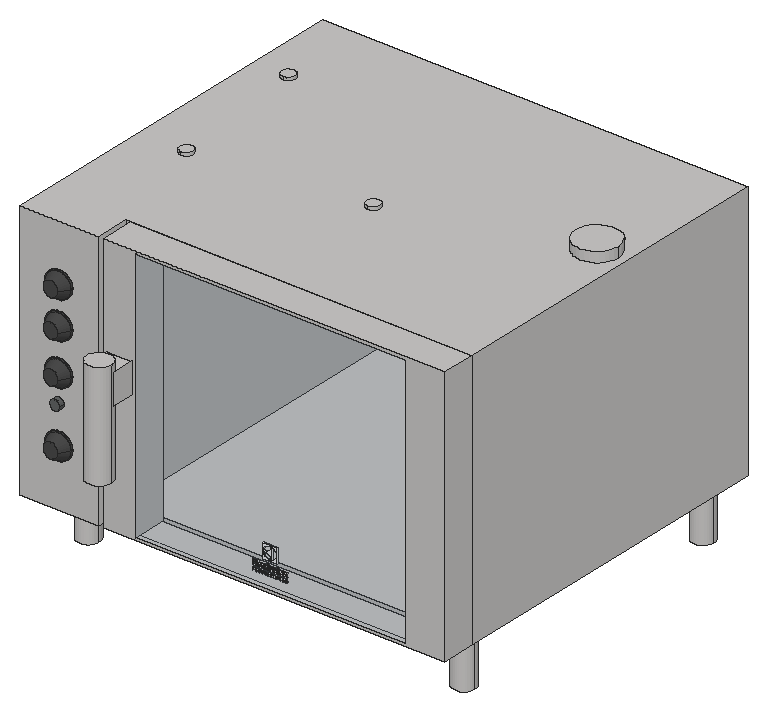
Revit family "QF_ELECTROLUXPROFESSIONAL_260687_EFCE61SSDS", category Attrezzature speciali, Revit 2018
Family settings
  Quota connettore circolare = Usa diametro
  Tipo di parte = Normale
  Basato su piano di lavoro = No
  Sempre verticale = Sì
  Taglio con vuoti quando caricato = No
  Condiviso = No
  Punto di calcolo locali = No
Parameters (values of type "Standard")
  Weight = 79.50 kg
  Watts = 7700 W
  Volts = 380 V
  URL Manufacturer = "https://www.electroluxprofessional.com/"
  URL = "https://www.electroluxprofessional.com/"
  Steam Supply Size = 0 mm
  Steam Supply Minimum Pressure = 0.0 Pa
  Steam Supply Maximum Pressure = 0.0 Pa
  Steam Consumption per Hour = 0
  Show Logo [instance] = yes
  Show Clearance [instance] = yes
  Refrigeration Suction Line Size = 0 mm
  Refrigeration Liquid Line Size = 0 mm
  Refrigerant Compressor Remote = yes
  Produttore = "Electrolux Professional"
  Phase = 3
  Modello = "EFCE61SSDS"
  Length Actual = 860 mm  # constant formula
  Item Number = "260687"
  Hot Water Size = 0 mm
  Height Actual = 633 mm  # constant formula
  HP = "10.3 HP"
  Gas Size = 0 mm
  Gas KW = 0
  Gas Input Pressure = 0 W
  Direct Waste Size = 25 mm
  Descrizione = "CONVECTION OVEN CW 6 GN 1/1 - ELECTRIC - SMART STEAM"
  Depth Actual = 746 mm  # constant formula
  Cycle = 50 Hz
  Condensate Return Size = 0 mm
  Compressed Air Volume = 0.0 L/s
  Compressed Air Size = 0 mm
  Compressed Air Pressure = 0.0 Pa
  Cold Water Size = 19.05 mm
  Accessory = yes
Types (2, lengths in mm): name | URL | Produttore | Phase | Modello | Direct Waste Size | Descrizione | Cold Water Size
  (no name) | 0 | 0 | 0 | 0 | 0 | 0 | 0
  Standard | "https://www.electroluxprofessional.com/" | "Electrolux Professional" | 3 | "EFCE61SSDS" | 25 | "CONVECTION OVEN CW 6 GN 1/1 - ELECTRIC - SMART STEAM" | 19.05
Values of the unnamed type that differ from the named types
  Weight = 0.00 kg
  Watts = 0 W
  Volts = 0 V
  URL Manufacturer = ""
  Item Number = ""
  HP = ""
  Cycle = 0 Hz
Reference planes
  plane 1 "Center X": y = 96.851
  plane 2: z = 0
  plane 3 "Center Y": x = -330
  plane 4 "LEFT": x = -760
  plane 5 "BACK": y = 479.851
  plane 6 "RIGHT": x = 100
  plane 7 "FRONT": y = -286.149
  plane 8: x = -710
  plane 9: y = 421.851
  plane 10: y = -217.149
  plane 11: x = 50
  plane 12: y = -935.149
  plane 13: z = 108
  plane 14 "Center Z": z = 633
  plane 15: z = 0
Forms (mm)
  Extrusion 1, solid, material "QF_Finishes_Stainless Steel"
    sketch origin (0, 0, 633) x (-1, 0, 0) y (0, -1, 0)
      loop
        line (760, -479.851) -> (760, 286.149) -> (600, 286.149) -> (600, 217.149) -> (-100, 217.149) -> (-100, -479.851) -> (760, -479.851)
    from 0 to -525
  Extrusion 2, solid, material "QF_Finishes_Stainless Steel"
    sketch origin (0, -286.149, -670) x (-1, 0, 0) y (0, 0, 1)
      loop
        line (590, 1303) -> (-100, 1303) -> (-100, 778) -> (590, 778) -> (590, 1303)
      loop
        line (525, 1298) -> (-20, 1298) -> (-20, 783) -> (525, 783) -> (525, 1298)
    from 0 to 69
  Extrusion 3, solid, material "QF_Finishes_Glass"
    sketch origin (0, -286.149, -670) x (-1, 0, 0) y (0, 0, 1)
      loop
        line (-20, 1298) -> (-20, 783) -> (525, 783) -> (525, 1298) -> (-20, 1298)
    from 0 to 9.69
  Extrusion 4, solid, material "QF_Finishes_Stainless Steel"
    sketch origin (-46, 39, 638) x (0, -1, 0) y (-1, 0, 0)
      loop
        circle (-265.851, 643) r 13.25
    from 0 to 5
  Extrusion 5, solid, material "QF_Door-Drawer Clearances", visible <- "Show Clearance", detail levels coarse
    sketch origin (0, 0, 633) x (-1, 0, 0) y (0, -1, 0)
      loop
        arc (590, 286.149) -> (370.364, 743.933) -> (-100, 935.149) r 704.475
        line (-100, 935.149) -> (-100, 286.149) -> (590, 286.149)
    from -525 to 0
  Extrusion 6, solid, material "QF_Finishes_Stainless Steel"
    sketch origin (-20, -252, 638) x (0, -1, 0) y (-1, 0, 0)
      loop
        circle (-265.851, 643) r 13.25
    from 0 to 5
  Extrusion 7, solid, material "QF_Finishes_Stainless Steel"
    sketch origin (335, -276, 638) x (0, -1, 0) y (-1, 0, 0)
      loop
        circle (-337.851, 658) r 13.25
    from 0 to 5
  Extrusion 8, solid, material "QF_Finishes_Black"
    sketch origin (24, -286.149, -751.676) x (-1, 0, 0) y (0, 0, 1)
      loop
        circle (704, 1195.5) r 26.676
    from 0 to -3
  Blend 9, solid, material "QF_Finishes_Black"
    base sketch origin (-6, -286.149, -751.676) x (1, 0, 0) y (0, 0, 1)
      loop
        circle (-674, 1195.5) r 25
    top sketch origin (-6, -286.149, -751.676) x (1, 0, 0) y (0, 0, 1)
      loop
        circle (-674, 1195.5) r 15
    from 3 to 21.442
  Extrusion 10, solid, material "QF_Finishes_Black"
    sketch origin (24, -286.149, -836.676) x (-1, 0, 0) y (0, 0, 1)
      loop
        circle (704, 1195.5) r 26.676
    from 0 to -3
  Blend 11, solid, material "QF_Finishes_Black"
    base sketch origin (-6, -286.149, -836.676) x (1, 0, 0) y (0, 0, 1)
      loop
        circle (-674, 1195.5) r 25
    top sketch origin (-6, -286.149, -836.676) x (1, 0, 0) y (0, 0, 1)
      loop
        circle (-674, 1195.5) r 15
    from 3 to 21.442
  Extrusion 12, solid, material "QF_Finishes_Black"
    sketch origin (24, -286.149, -971.676) x (-1, 0, 0) y (0, 0, 1)
      loop
        circle (704, 1490.5) r 26.676
    from 0 to -3
  Blend 13, solid, material "QF_Finishes_Black"
    base sketch origin (-6, -286.149, -971.676) x (1, 0, 0) y (0, 0, 1)
      loop
        circle (-674, 1490.5) r 25
    top sketch origin (-6, -286.149, -971.676) x (1, 0, 0) y (0, 0, 1)
      loop
        circle (-674, 1490.5) r 15
    from 3 to 21.442
  Extrusion 14, solid, material "QF_Finishes_Black"
    sketch origin (24, -286.149, -969.176) x (-1, 0, 0) y (0, 0, 1)
      loop
        circle (704, 1195.5) r 26.676
    from 0 to -3
  Blend 15, solid, material "QF_Finishes_Black"
    base sketch origin (-6, -286.149, -969.176) x (1, 0, 0) y (0, 0, 1)
      loop
        circle (-674, 1195.5) r 25
    top sketch origin (-6, -286.149, -969.176) x (1, 0, 0) y (0, 0, 1)
      loop
        circle (-674, 1195.5) r 15
    from 3 to 21.442
  Extrusion 16, solid, material "QF_Finishes_Stainless Steel"
    sketch origin (0, -572.298, 425) x (-1, 0, 0) y (0, -1, 0)
      loop
        arc (584.299, -236.149) -> (559.299, -261.149) -> (534.299, -236.149) r 25
        line (534.299, -236.149) -> (534.299, -286.149) -> (584.299, -286.149) -> (584.299, -236.149)
    from -55.026 to 5
  Extrusion 17, solid, material "QF_Finishes_Stainless Steel"
    sketch origin (0, -534.298, 425) x (-1, 0, 0) y (0, -1, 0)
      loop
        circle (559.299, -198.149) r 25
    from -193.655 to 20
  Extrusion 18, solid, material "QF_Finishes_Dark_Gray"
    sketch origin (25, -336.149, -915) x (-1, 0, 0) y (0, 0, 1)
      loop
        circle (705.941, 1218.523) r 10
    from 40 to 50
  Extrusion 19, solid, material "QF_Finishes_Stainless Steel"
    sketch origin (72.184, -18.929, 633) x (-1, 0, 0) y (0, -1, 0)
      loop
        circle (32.184, -192.78) r 43
    from 0 to 20
  Extrusion 20, void
    sketch origin (-600, -680.149, 1750) x (-1, 0, 0) y (0, 0, 1)
      loop
        line (0, -1138.194) -> (-650, -1138.194) -> (-650, -1630) -> (0, -1630) -> (0, -1138.194)
    from 463 to 1102
Cuts and joins
  Extrusion 20 cuts Extrusion 1
Lines and regions (mm)
  Split face 1
    outline origin (-760, -286.149, 633) x (0, 0, -1) y (1, 0, 0)
      loop
        line (5, 15) -> (520, 15) -> (520, 145) -> (5, 145) -> (5, 15)
  Split face 2
    outline origin (-776.014, -286.149, 425.001) x (0, 0, -1) y (1, 0, 0)
      loop
        line (152.5, 78.5) -> (168.75, 78.5) -> (168.75, 113.5) -> (152.5, 113.5) -> (152.5, 78.5)
  Split face 3
    outline origin (-760, -286.149, 633) x (0, 0, -1) y (1, 0, 0)
      loop
        line (50, 15) -> (50, 145)
  Split face 4
    outline origin (-760, -286.149, 633) x (0, 0, -1) y (1, 0, 0)
      loop
        line (475, 15) -> (475, 145)
  Split face 5
    outline origin (20, -286.149, 113) x (1, 0, 0) y (0, 0, 1)
      loop
        line (-524.004, 73.11) -> (-374.004, 73.11) -> (-352.791, 94.323) -> (-192.209, 94.323) -> (-170.996, 73.11) -> (-20.996, 73.11) -> (-20.996, 448.11) -> (-524.004, 448.11) -> (-524.004, 73.11)
  symbolic lines
    curve 1: line (-760, -286.149, 1303) -> (-760, 479.851, 1303)
    curve 2: line (-760, 479.851, 1303) -> (100, 479.851, 1303)
    curve 3: line (-600, -217.149, 1303) -> (100, -217.149, 1303)
    curve 4: line (-600, -217.149, 1303) -> (-600, -286.149, 1303)
    curve 5: line (-760, -286.149, 1303) -> (100, -286.149, 1303)
    curve 6: line (-706.676, -289.149, 1303) -> (-653.324, -289.149, 1303)
    curve 7: line (-695, -307.591, 1303) -> (-665, -307.591, 1303)
    curve 8: line (-706.676, -289.149, 1303) -> (-706.676, -286.149, 1303)
    curve 9: line (-653.324, -289.149, 1303) -> (-653.324, -286.149, 1303)
    curve 10: line (-695, -307.591, 1303) -> (-705, -289.149, 1303)
    curve 11: line (-665, -307.591, 1303) -> (-655.006, -289.149, 1303)
    curve 12: line (100, 479.851, 1303) -> (100, -286.149, 1303)
    curve 14: line (-534.299, -336.149, 1303) -> (-534.299, -286.149, 1303)
    curve 15: line (-584.299, -286.149, 1303) -> (-584.299, -336.149, 1303)
    curve 16: arc (-534.299, -336.149, 1303) -> (-559.299, -361.149, 1303) -> (-584.299, -336.149, 1303) r 25
    curve 17: arc (-584.299, -336.149, 1303) -> (-559.299, -311.149, 1303) -> (-534.299, -336.149, 1303) r 25
    curve 19: arc (83, 173.851, 1303) -> (40, 216.851, 1303) -> (-3, 173.851, 1303) r 43
    curve 20: arc (-3, 173.851, 1303) -> (40, 130.851, 1303) -> (83, 173.851, 1303) r 43
  symbolic lines, style "QF_Door-Drawer Clearances"
    curve 13: line (100, -935.149, 1303) -> (100, -286.149, 1303)
    curve 18: arc (-590, -286.149, 1303) -> (-370.364, -743.933, 1303) -> (100, -935.149, 1303) r 704.475
Dimensions and locks
  equal spacing: plane 4 "LEFT", plane 3 "Center Y", plane 6 "RIGHT"
  plane 4 "LEFT" to plane 6 "RIGHT" = 860 mm
  plane 5 "BACK" to plane 7 "FRONT" = 766 mm
  equal spacing: plane 5 "BACK", plane 1 "Center X", plane 7 "FRONT"
  plane 5 "BACK" to plane 12 = 1415 mm
  plane 13 to plane 15 = 108 mm
  plane 14 "Center Z" to plane 13 = 525 mm
  plane 14 "Center Z" to plane 15 = 633 mm
  aligned and locked: level to plane 2
  aligned and locked: plane 13 to nested 1
  aligned and locked: plane 13 to nested 2
  aligned and locked: plane 13 to nested 4
  aligned and locked: plane 13 to nested 3
  aligned and locked: Extrusion 1 to plane 13
  aligned and locked: Blend 9 to Extrusion 8
  aligned and locked: Blend 11 to Extrusion 10
  aligned and locked: Blend 13 to Extrusion 12
Automatic sketch dimensions
  curve 16 to curve 17 = 0 mm  (x2)
  curve 19 to curve 20 = 0 mm  (x2)
  curve 18 to plane 6 "RIGHT" = 0 mm
  curve 14 to plane 7 "FRONT" = 0 mm
  curve 3 to plane 10 = 0 mm
  curve 1 to plane 4 "LEFT" = 0 mm
  curve 1 to plane 5 "BACK" = 0 mm
  curve 13 to plane 12 = 0 mm
  plane 6 "RIGHT" to curve 18 = 12.296 mm
  curve 20 to plane 11 = 10 mm
  curve 14 to plane 7 "FRONT" = 50 mm
  plane 8 to curve 14 = 175.701 mm
  curve 14 to curve 16 = 25 mm
  curve 15 to curve 3 = 15.701 mm
  curve 9 to plane 7 "FRONT" = 3 mm
  curve 4 to curve 9 = 53.324 mm
  curve 11 to plane 7 "FRONT" = 21.442 mm
  curve 6 to curve 11 = 11.676 mm
  plane 8 to curve 10 = 15 mm
  plane 8 to curve 8 = 3.324 mm
  curve 20 to plane 1 "Center X" = 77 mm
  curve 18 to plane 10 = 13.632 mm
  curve 19 to plane 6 "RIGHT" = 17 mm
  curve 6 to curve 11 = 1.682 mm
  curve 10 to curve 6 = 1.676 mm
  Extrusion 1 sketch curve to plane 5 "BACK" = 0 mm
  Extrusion 1 sketch curve to plane 6 "RIGHT" = 0 mm
  Extrusion 1 sketch curve to plane 10 = 0 mm
  Extrusion 1 sketch curve to plane 7 "FRONT" = 0 mm
  Extrusion 1 sketch curve to plane 4 "LEFT" = 0 mm
  plane 8 to Extrusion 1 sketch curve = 110 mm
  Extrusion 2 sketch curve to plane 6 "RIGHT" = 0 mm
  Extrusion 2 sketch curve to plane 13 = 0 mm
  Extrusion 2 sketch curve to plane 14 "Center Z" = 0 mm
  plane 13 to Extrusion 2 sketch curve = 5 mm
  Extrusion 2 sketch curve to plane 11 = 30 mm
  Extrusion 2 sketch curve to plane 14 "Center Z" = 5 mm
  plane 8 to Extrusion 2 sketch curve = 185 mm
  Extrusion 2 sketch curve to Extrusion 2 sketch curve = 65 mm
  plane 13 to Extrusion 3 sketch curve = 5 mm
  Extrusion 3 sketch curve to plane 11 = 30 mm
  plane 8 to Extrusion 3 sketch curve = 185 mm  (x2)
  Extrusion 3 sketch curve to plane 14 "Center Z" = 5 mm
  plane 8 to Extrusion 4 sketch curve = 21 mm
  Extrusion 4 sketch curve to plane 9 = 117 mm
  Extrusion 5 sketch curve to plane 6 "RIGHT" = 0 mm
  Extrusion 5 sketch curve to plane 7 "FRONT" = 0 mm
  Extrusion 5 sketch curve to plane 12 = 0 mm
  plane 6 "RIGHT" to Extrusion 5 sketch curve = 12.296 mm
  plane 8 to Extrusion 5 sketch curve = 120 mm
  Split face 1 sketch curve to Extrusion 1 = 5 mm  (x2)
  Split face 1 sketch curve to Extrusion 1 = 15 mm  (x2)
  Split face 2 sketch curve to Extrusion 1 = 62.514 mm
  Split face 2 sketch curve to Extrusion 1 = 164.501 mm
  Split face 2 sketch curve to Split face 2 sketch curve = 16.25 mm
  Split face 2 sketch curve to Split face 2 sketch curve = 35 mm
  plane 1 "Center X" to Extrusion 6 sketch curve = 83 mm
  plane 8 to Extrusion 6 sketch curve = 47 mm
  plane 3 "Center Y" to Extrusion 7 sketch curve = 7 mm
  plane 1 "Center X" to Extrusion 7 sketch curve = 35 mm
  Split face 3 sketch curve to Extrusion 1 = 15 mm  (x2)
  Split face 3 sketch curve to Extrusion 1 = 50 mm
  Split face 4 sketch curve to Extrusion 1 = 15 mm  (x2)
  Split face 4 sketch curve to Extrusion 1 = 50 mm
  plane 8 to Extrusion 8 sketch curve = 30 mm
  Extrusion 8 sketch curve to plane 14 "Center Z" = 189.176 mm
  plane 8 to Blend 9 sketch curve = 30 mm  (x2)
  Blend 9 sketch curve to plane 14 "Center Z" = 189.176 mm  (x2)
  plane 8 to Extrusion 10 sketch curve = 30 mm
  plane 13 to Extrusion 10 sketch curve = 250.824 mm
  plane 8 to Blend 11 sketch curve = 30 mm  (x2)
  plane 13 to Blend 11 sketch curve = 250.824 mm  (x2)
  plane 8 to Extrusion 12 sketch curve = 30 mm
  Extrusion 12 sketch curve to plane 14 "Center Z" = 114.176 mm
  plane 8 to Blend 13 sketch curve = 30 mm  (x2)
  Blend 13 sketch curve to plane 14 "Center Z" = 114.176 mm  (x2)
  plane 8 to Extrusion 14 sketch curve = 30 mm
  plane 13 to Extrusion 14 sketch curve = 118.324 mm
  plane 8 to Blend 15 sketch curve = 30 mm  (x2)
  plane 13 to Blend 15 sketch curve = 118.324 mm  (x2)
  Split face 5 sketch curve to Extrusion 3 = 20.996 mm  (x2)
  Split face 5 sketch curve to Extrusion 3 = 73.11 mm  (x2)
  Split face 5 sketch curve to Split face 5 sketch curve = 150 mm
  Split face 5 sketch curve to Split face 5 sketch curve = 21.213 mm  (x3)
  Split face 5 sketch curve to Split face 5 sketch curve = 160.583 mm
  Split face 5 sketch curve to Extrusion 3 = 66.89 mm
  Extrusion 16 sketch curve to plane 7 "FRONT" = 0 mm
  plane 8 to Extrusion 16 sketch curve = 175.701 mm
  Extrusion 16 sketch curve to Extrusion 16 sketch curve = 25 mm
  Extrusion 16 sketch curve to Extrusion 16 sketch curve = 50 mm
  Extrusion 16 sketch curve to plane 7 "FRONT" = 50 mm
  Extrusion 16 sketch curve to Extrusion 16 sketch curve = 0 mm  (x3)
  Extrusion 17 sketch curve to plane 7 "FRONT" = 50 mm
  plane 8 to Extrusion 17 sketch curve = 150.701 mm
  plane 8 to Extrusion 18 sketch curve = 29.059 mm
  plane 13 to Extrusion 18 sketch curve = 195.523 mm
  Extrusion 19 sketch curve to plane 11 = 10 mm
  Extrusion 19 sketch curve to plane 1 "Center X" = 77 mm
  Extrusion 20 sketch curve to plane 11 = 0 mm
  plane 13 to Extrusion 20 sketch curve = 12 mm
  plane 8 to Extrusion 20 sketch curve = 110 mm
  Extrusion 20 sketch curve to plane 14 "Center Z" = 21.194 mm
  radius of Extrusion 4 sketch curve = 13.25 mm
  radius of Extrusion 6 sketch curve = 13.25 mm
  radius of Extrusion 7 sketch curve = 13.25 mm
  radius of Extrusion 8 sketch curve = 26.676 mm
  radius of Blend 9 sketch curve = 25 mm
  radius of Blend 9 sketch curve = 15 mm
  radius of Extrusion 10 sketch curve = 26.676 mm
  radius of Blend 11 sketch curve = 25 mm
  radius of Blend 11 sketch curve = 15 mm
  radius of Extrusion 12 sketch curve = 26.676 mm
  radius of Blend 13 sketch curve = 25 mm
  radius of Blend 13 sketch curve = 15 mm
  radius of Extrusion 14 sketch curve = 26.676 mm
  radius of Blend 15 sketch curve = 25 mm
  radius of Blend 15 sketch curve = 15 mm
  radius of Extrusion 17 sketch curve = 25 mm
  radius of Extrusion 18 sketch curve = 10 mm
  radius of Extrusion 19 sketch curve = 43 mm
Nested families
  nested 1: "Foot" at (-710, -175.149, 0), type "Foot"
    with Ø 22 mm, H 108 mm
  nested 2: "Foot" at (50, -175.149, 0), type "Foot"
    with Ø 22 mm, H 108 mm
  nested 3: "Foot" at (50, 429.851, 0), type "Foot"
    with Ø 22 mm, H 108 mm
  nested 4: "Foot" at (-710, 429.851, 0), type "Foot"
    with Ø 22 mm, H 108 mm
  nested 5: "ELX_Pro_Logo" at (-252.5, -286.149, 164.262) x (1, 0, 0) z (0, -1, 0), type "ELX_Pro_Logo"
Connectors
  piping at (-323, 61.851, 638), diameter 26.4
    settings: on Extrusion 7, index 6, connector inside diameter 609.6 mm, connector length 0 mm, flow factor 0, pipe flow 0.0 L/s, pressure drop 0.0 Pa, fitting loss kfactor 0, connector angle 0.00°, fixture units 0, engagement length 0 mm, angle of deflection 0.00°, flow configuration 0, flow direction 0, fitting loss method 0, system type 16, joint type 0, gender type 0, connector reference index -1, connector utility 0, adjustable connector no, is connector primary yes, connector description ""
  electrical at (-663, 13.851, 638)
    settings: on Extrusion 6, index 7, voltage 0 V, apparent load 0 VA, apparent load phase1 0 VA, apparent load phase2 0 VA, apparent load phase3 0 VA, power factor 1, load classification "Altro", number of poles 1, system type 30, power factor state 1, is connector primary yes, connector utility no, sub classification motor no, connector description ""
  piping at (-689, 304.851, 638), diameter 19.05, driven by "Cold Water Size"
    settings: on Extrusion 4, index 8, connector inside diameter 609.6 mm, connector length 0 mm, flow factor 0, pipe flow 0.0 L/s, pressure drop 0.0 Pa, fitting loss kfactor 0, connector angle 0.00°, fixture units 0, engagement length 0 mm, angle of deflection 0.00°, flow configuration 0, flow direction 0, fitting loss method 0, system type 20, joint type 0, gender type 0, connector reference index -1, connector utility 0, adjustable connector no, is connector primary no, connector description "Cold Water Inlet"
Definition of nested family "Foot"
  Parameters
    Ø [instance] = 20 mm
    H [instance] = 50 mm
  Reference planes
    plane 1 "Centro (Fronte/Retro)": y = 0
    plane 2: z = 0
    plane 3 "Centro (Sinistra/Destra)": x = 0
    plane 4: z = 50
  Forms (mm)
    Revolve 1, solid
      sketch origin (255.05, 0, 608.09) x (0, 0, 1) y (-1, 0, 0)
        loop
          line (-608.09, 255.05) -> (-608.09, 235.05) -> (-558.09, 235.05) -> (-558.09, 255.05) -> (-608.09, 255.05)
        axis (-608.09, 255.05) -> (-558.09, 255.05)
      angle from 0 to 360
  Dimensions and locks
    "H": plane 4 to plane 2
    "Ø": Revolve 1 sketch curve to Revolve 1 sketch curve
    aligned and locked: level to plane 2
    aligned and locked: plane 4 to Revolve 1 sketch curve
    aligned and locked: Revolve 1 sketch curve to level
    aligned and locked: plane 3 "Centro (Sinistra/Destra)" to Revolve 1 sketch curve
  Automatic sketch dimensions
    Revolve 1 sketch curve to plane 3 "Centro (Sinistra/Destra)" = 0 mm
    Revolve 1 sketch curve to Revolve 1 sketch curve = 50 mm
    Revolve 1 sketch curve to Revolve 1 sketch curve = 20 mm
Definition of nested family "ELX_Pro_Logo"
  Parameters (values of type "ELX_Pro_Logo")
    M = none
    Default Elevation = 0 mm
  Reference planes
    plane 1 "Centro (Fronte/Retro)": y = 0
    plane 2: z = 0
    plane 3 "Centro (Sinistra/Destra)": x = 0
  Forms (mm)
    Extrusion 1, solid
      sketch origin (0, 0, 0) x (1, 0, 0) y (0, 1, 0)
        loop
          line (-1219.2, 1219.2) -> (-1219.2, -1219.2) -> (1219.2, -1219.2) -> (1219.2, 1219.2) -> (-1219.2, 1219.2)
      from 0 to -304.8
    Extrusion 2, solid, material <- "M"
      sketch origin (-144.622, -1081.55, 0) x (-1, 0, 0) y (0, -1, 0)
        loop
          line (-111.329, -1069.559) -> (-111.329, -1071.073) -> (-116.048, -1071.073) -> (-116.048, -1072.896) -> (-111.328, -1072.896) -> (-111.328, -1075.549) -> (-116.349, -1075.549) -> (-116.349, -1077.368) -> (-109.396, -1077.368) -> (-109.396, -1073.46) -> (-109.396, -1069.659)
          arc (-109.396, -1069.659) -> (-110.425, -1067.175) -> (-112.909, -1066.146) r 3.513
          line (-112.909, -1066.146) -> (-116.483, -1066.146) -> (-116.483, -1067.963) -> (-112.925, -1067.963)
          arc (-112.925, -1067.963) -> (-111.797, -1068.431) -> (-111.329, -1069.559) r 1.596
        loop
          line (-119.79, -1077.358) -> (-117.856, -1077.358) -> (-117.856, -1072.053) -> (-117.856, -1066.132) -> (-119.79, -1066.132) -> (-119.79, -1072.092) -> (-119.79, -1077.358)
        loop
          line (-122.986, -1069.718) -> (-129.327, -1069.718)
          arc (-129.327, -1069.718) -> (-129.219, -1071.449) -> (-128.497, -1073.026) r 4.757
          arc (-128.497, -1073.026) -> (-125.237, -1074.5) -> (-121.978, -1073.026) r 4.34
          arc (-121.978, -1073.026) -> (-121.072, -1070.207) -> (-121.978, -1067.388) r 4.838
          arc (-121.978, -1067.388) -> (-125.393, -1065.933) -> (-128.809, -1067.388) r 4.737
          line (-128.809, -1067.388) -> (-127.645, -1068.52)
          arc (-127.645, -1068.52) -> (-125.509, -1067.576) -> (-123.374, -1068.52) r 2.888
          arc (-123.374, -1068.52) -> (-123.05, -1069.077) -> (-122.986, -1069.718) r 1.527
        loop
          arc (-127.386, -1071.076) -> (-126.67, -1072.331) -> (-125.331, -1072.872) r 2.201
          arc (-125.331, -1072.872) -> (-123.848, -1072.402) -> (-123.033, -1071.076) r 2.23
          line (-123.033, -1071.076) -> (-127.386, -1071.076)
        loop
          line (-136.862, -1071.886) -> (-138.059, -1073.132)
          arc (-138.059, -1073.132) -> (-130.327, -1070.219) -> (-138.059, -1067.306) r 4.415
          line (-138.059, -1067.306) -> (-136.862, -1068.553)
          arc (-136.862, -1068.553) -> (-132.252, -1070.22) -> (-136.862, -1071.886) r 2.606
        loop
          line (-141.192, -1069.673) -> (-141.192, -1072.494) -> (-142.951, -1072.494) -> (-142.951, -1074.25) -> (-141.195, -1074.25) -> (-141.195, -1077.358) -> (-139.262, -1077.358) -> (-139.262, -1073.332) -> (-139.262, -1069.514)
          arc (-139.262, -1069.514) -> (-140.299, -1066.92) -> (-142.98, -1066.132) r 3.196
          line (-142.98, -1066.132) -> (-142.987, -1067.949)
          arc (-142.987, -1067.949) -> (-141.652, -1068.356) -> (-141.192, -1069.673) r 1.542
        loop
          line (-146.494, -1073.042) -> (-146.494, -1074.25) -> (-144.576, -1074.25) -> (-144.576, -1070.271) -> (-144.576, -1066.132) -> (-146.494, -1066.132) -> (-146.494, -1070.401)
          arc (-146.494, -1070.401) -> (-147.446, -1072.228) -> (-149.489, -1072.494) r 2.229
          line (-149.489, -1072.494) -> (-149.489, -1074.362)
          arc (-149.489, -1074.362) -> (-147.761, -1074.226) -> (-146.494, -1073.042) r 2.627
        loop
          line (-159.833, -1072.246) -> (-159.833, -1066.131) -> (-161.767, -1066.131) -> (-161.767, -1072.17) -> (-161.767, -1077.359) -> (-159.833, -1077.359) -> (-159.833, -1072.246)
        loop
          line (-165.194, -1069.514) -> (-165.194, -1074.25) -> (-163.245, -1074.25) -> (-163.245, -1071.898) -> (-163.245, -1069.098)
          arc (-163.245, -1069.098) -> (-166.96, -1065.769) -> (-170.687, -1069.085) r 3.745
          line (-170.687, -1069.085) -> (-170.687, -1071.898) -> (-170.687, -1074.25) -> (-168.739, -1074.25) -> (-168.739, -1069.514)
          arc (-168.739, -1069.514) -> (-166.967, -1067.742) -> (-165.194, -1069.514) r 1.772
        loop
          line (-174.654, -1070.416) -> (-172.975, -1068.078) -> (-171.578, -1066.131) -> (-173.656, -1066.131) -> (-175.717, -1068.999) -> (-177.779, -1066.131) -> (-179.857, -1066.131) -> (-178, -1068.728) -> (-176.781, -1070.433) -> (-178.29, -1072.488) -> (-179.583, -1074.25) -> (-177.473, -1074.25) -> (-175.717, -1071.818) -> (-173.945, -1074.25) -> (-171.852, -1074.25) -> (-173.052, -1072.608) -> (-174.654, -1070.416)
        loop
          circle (-154.223, -1070.188) r 2.508
        loop
          circle (-154.223, -1070.188) r 4.42
        loop
          line (-110.224, -1058.542) -> (-111.194, -1058.542)
          arc (-111.194, -1058.542) -> (-112.217, -1059.95) -> (-110.924, -1061.114) r 1.3
          line (-110.924, -1061.114) -> (-109.424, -1061.114) -> (-109.424, -1057.223) -> (-110.224, -1057.223) -> (-110.224, -1058.542)
        loop
          line (-110.224, -1060.379) -> (-110.224, -1059.293) -> (-111.03, -1059.293)
          arc (-111.03, -1059.293) -> (-111.43, -1059.836) -> (-111.03, -1060.379) r 0.569
          line (-111.03, -1060.379) -> (-110.224, -1060.379)
        loop
          line (-116.302, -1058.564) -> (-117.128, -1058.564) -> (-117.934, -1057.223) -> (-118.841, -1057.223) -> (-117.833, -1058.884)
          arc (-117.833, -1058.884) -> (-118.214, -1060.282) -> (-117.028, -1061.114) r 1.26
          line (-117.028, -1061.114) -> (-115.503, -1061.114) -> (-115.503, -1057.223) -> (-116.302, -1057.223) -> (-116.302, -1058.564)
        loop
          line (-116.302, -1060.379) -> (-116.302, -1059.293) -> (-117.109, -1059.293)
          arc (-117.109, -1059.293) -> (-117.508, -1059.836) -> (-117.109, -1060.379) r 0.569
          line (-117.109, -1060.379) -> (-116.302, -1060.379)
        loop
          line (-128.923, -1057.223) -> (-129.723, -1057.223) -> (-129.723, -1058.714) -> (-131.187, -1058.714) -> (-131.187, -1059.514) -> (-129.723, -1059.514) -> (-129.723, -1060.314) -> (-131.327, -1060.314) -> (-131.327, -1061.114) -> (-128.923, -1061.114) -> (-128.923, -1057.223)
        loop
          arc (-134.628, -1058.469) -> (-134.992, -1057.588) -> (-135.874, -1057.223) r 1.246
          line (-135.874, -1057.223) -> (-137.13, -1057.223) -> (-137.13, -1058.023) -> (-135.969, -1058.023)
          arc (-135.969, -1058.023) -> (-135.53, -1058.237) -> (-135.427, -1058.714) r 0.558
          line (-135.427, -1058.714) -> (-136.984, -1058.714) -> (-136.984, -1059.514) -> (-135.427, -1059.514) -> (-135.427, -1060.314) -> (-137.092, -1060.314) -> (-137.092, -1061.114) -> (-134.628, -1061.114) -> (-134.628, -1058.469)
        loop
          line (-152.3, -1057.223) -> (-153.1, -1057.223) -> (-153.1, -1061.114) -> (-152.3, -1061.114) -> (-152.3, -1057.223)
        loop
          line (-164.67, -1057.223) -> (-164.67, -1059.67) -> (-166.45, -1057.223) -> (-167.25, -1057.223) -> (-167.25, -1061.114) -> (-166.42, -1061.114) -> (-166.42, -1058.594) -> (-164.64, -1061.114) -> (-163.84, -1061.114) -> (-163.84, -1057.223) -> (-164.67, -1057.223)
        loop
          line (-170.403, -1057.223) -> (-171.262, -1057.223) -> (-171.641, -1058.063) -> (-173.08, -1058.063) -> (-173.459, -1057.223) -> (-174.317, -1057.223) -> (-172.796, -1061.113) -> (-171.996, -1061.113) -> (-170.403, -1057.223)
        loop
          line (-177.493, -1057.223) -> (-179.789, -1057.223) -> (-179.789, -1058.023) -> (-178.293, -1058.023) -> (-178.293, -1061.114) -> (-177.493, -1061.114) -> (-177.493, -1057.223)
        loop
          line (-172.362, -1059.848) -> (-171.945, -1058.83) -> (-172.76, -1058.83) -> (-172.362, -1059.848)
        loop
          circle (-158.484, -1059.145) r 1.288
        loop
          circle (-158.484, -1059.145) r 2.065
        loop
          arc (-146.04, -1058.095) -> (-146.933, -1057.275) -> (-148.145, -1057.245) r 1.725
          arc (-148.145, -1057.245) -> (-148.965, -1058.02) -> (-148.68, -1059.111) r 1.107
          arc (-148.68, -1059.111) -> (-148.103, -1059.465) -> (-147.486, -1059.746) r 5.523
          arc (-147.486, -1059.746) -> (-147.147, -1060.262) -> (-147.708, -1060.52) r 0.407
          arc (-147.708, -1060.52) -> (-148.045, -1060.315) -> (-148.325, -1060.038) r 1.702
          line (-148.325, -1060.038) -> (-149.011, -1060.45)
          arc (-149.011, -1060.45) -> (-148.578, -1060.911) -> (-148.043, -1061.247) r 2.463
          arc (-148.043, -1061.247) -> (-146.373, -1060.466) -> (-147.42, -1058.949) r 1.207
          spline (-147.42, -1058.949) -> (-147.716, -1058.809) -> (-147.932, -1058.678) -> (-148.077, -1058.557) -> (-148.163, -1058.446) -> (-148.198, -1058.347) -> (-148.192, -1058.258) -> (-148.157, -1058.182) -> (-148.102, -1058.118) -> (-148.037, -1058.068) -> (-147.972, -1058.031) -> (-147.917, -1058.008) -> (-147.883, -1058)
          arc (-147.883, -1058) -> (-147.238, -1058.014) -> (-146.759, -1058.446) r 0.925
          line (-146.759, -1058.446) -> (-146.04, -1058.095)
        loop
          arc (-140.18, -1058.095) -> (-141.073, -1057.275) -> (-142.285, -1057.245) r 1.725
          arc (-142.285, -1057.245) -> (-143.106, -1058.02) -> (-142.821, -1059.111) r 1.107
          arc (-142.821, -1059.111) -> (-142.243, -1059.465) -> (-141.627, -1059.746) r 5.523
          arc (-141.627, -1059.746) -> (-141.287, -1060.262) -> (-141.849, -1060.52) r 0.407
          arc (-141.849, -1060.52) -> (-142.185, -1060.315) -> (-142.466, -1060.038) r 1.702
          line (-142.466, -1060.038) -> (-143.151, -1060.45)
          arc (-143.151, -1060.45) -> (-142.719, -1060.911) -> (-142.183, -1061.247) r 2.463
          arc (-142.183, -1061.247) -> (-140.513, -1060.466) -> (-141.56, -1058.949) r 1.207
          spline (-141.56, -1058.949) -> (-141.856, -1058.809) -> (-142.072, -1058.678) -> (-142.218, -1058.557) -> (-142.303, -1058.446) -> (-142.338, -1058.347) -> (-142.333, -1058.258) -> (-142.298, -1058.182) -> (-142.242, -1058.118) -> (-142.177, -1058.068) -> (-142.112, -1058.031) -> (-142.057, -1058.008) -> (-142.023, -1058)
          arc (-142.023, -1058) -> (-141.378, -1058.014) -> (-140.9, -1058.446) r 0.925
          line (-140.9, -1058.446) -> (-140.18, -1058.095)
        loop
          circle (-123.484, -1059.145) r 1.288
        loop
          circle (-123.484, -1059.145) r 2.065
        loop
          line (-130.225, -1113.361) -> (-130.225, -1084.645) -> (-158.979, -1084.645) -> (-158.979, -1113.361) -> (-130.225, -1113.361)
        loop
          arc (-148.442, -1086.055) -> (-157.992, -1098.973) -> (-148.442, -1111.892) r 13.512
          line (-148.442, -1111.892) -> (-148.442, -1086.055)
        loop
          line (-147.127, -1086.055) -> (-147.127, -1087.926)
          arc (-147.127, -1087.926) -> (-143.116, -1095.125) -> (-135.48, -1098.224) r 12.412
          line (-135.48, -1098.224) -> (-131.205, -1098.224)
          arc (-131.205, -1098.224) -> (-136.382, -1088.497) -> (-147.127, -1086.055) r 13.242
        loop
          line (-147.127, -1110.021) -> (-147.127, -1112.224)
          arc (-147.127, -1112.224) -> (-136.374, -1109.53) -> (-131.205, -1099.722) r 13.588
          line (-131.205, -1099.722) -> (-135.48, -1099.722)
          arc (-135.48, -1099.722) -> (-143.116, -1102.822) -> (-147.127, -1110.021) r 12.412
      from 0 to 1.6
  Lines and regions (mm)
    symbolic lines
      curve 1: line (-14.357, 31.811, 0) -> (14.357, 31.811, 0)
      curve 2: line (-14.357, 3.095, 0) -> (-14.357, 31.811, 0)
      curve 3: line (14.357, 3.095, 0) -> (-14.357, 3.095, 0)
      curve 4: line (14.357, 31.811, 0) -> (14.357, 3.095, 0)
      curve 5: line (-8.32, 7.722, 0) -> (-9.387, 8.738, 0)
      curve 6: line (-9.387, 8.738, 0) -> (-10.331, 9.866, 0)
      curve 7: line (-10.331, 9.866, 0) -> (-11.141, 11.095, 0)
      curve 8: line (-11.141, 11.095, 0) -> (-11.805, 12.411, 0)
      curve 9: line (-11.805, 12.411, 0) -> (-12.31, 13.803, 0)
      curve 10: line (-12.31, 13.803, 0) -> (-12.646, 15.26, 0)
      curve 11: line (-12.646, 15.26, 0) -> (-12.8, 16.77, 0)
      curve 12: line (-12.8, 16.77, 0) -> (-10.081, 16.77, 0)
      curve 13: line (-10.081, 16.77, 0) -> (-8.466, 16.661, 0)
      curve 14: line (-8.466, 16.661, 0) -> (-6.88, 16.344, 0)
      curve 15: line (-6.88, 16.344, 0) -> (-5.345, 15.833, 0)
      curve 16: line (-5.345, 15.833, 0) -> (-3.882, 15.143, 0)
      curve 17: line (-3.882, 15.143, 0) -> (-2.511, 14.288, 0)
      curve 18: line (-2.511, 14.288, 0) -> (-1.255, 13.283, 0)
      curve 19: line (-1.255, 13.283, 0) -> (-0.135, 12.143, 0)
      curve 20: line (-0.135, 12.143, 0) -> (0.83, 10.882, 0)
      curve 21: line (0.83, 10.882, 0) -> (1.616, 9.515, 0)
      curve 22: arc (1.616, 9.515, 0) -> (2.419, 7.28, 0) -> (2.7, 4.923, 0) r 10.532
      curve 23: arc (2.7, 4.923, 0) -> (1.362, 4.715, 0) -> (0.011, 4.633, 0) r 14.39
      curve 24: line (0.011, 4.633, 0) -> (-1.56, 4.731, 0)
      curve 25: line (-1.56, 4.731, 0) -> (-3.062, 5.011, 0)
      curve 26: line (-3.062, 5.011, 0) -> (-4.502, 5.462, 0)
      curve 27: line (-4.502, 5.462, 0) -> (-5.866, 6.072, 0)
      curve 28: line (-5.866, 6.072, 0) -> (-7.142, 6.829, 0)
      curve 29: line (-7.142, 6.829, 0) -> (-8.32, 7.722, 0)
      curve 30: line (-10.802, 24.24, 0) -> (-9.872, 25.531, 0)
      curve 31: line (-9.872, 25.531, 0) -> (-8.796, 26.699, 0)
      curve 32: line (-8.796, 26.699, 0) -> (-7.587, 27.728, 0)
      curve 33: line (-7.587, 27.728, 0) -> (-6.258, 28.602, 0)
      curve 34: line (-6.258, 28.602, 0) -> (-4.823, 29.309, 0)
      curve 35: line (-4.823, 29.309, 0) -> (-3.293, 29.832, 0)
      curve 36: line (-3.293, 29.832, 0) -> (-1.683, 30.156, 0)
      curve 37: arc (-1.683, 30.156, 0) -> (0.517, 30.256, 0) -> (2.702, 29.984, 0) r 13.008
      curve 38: arc (2.702, 29.984, 0) -> (2.453, 27.616, 0) -> (1.617, 25.387, 0) r 9.395
      curve 39: line (1.617, 25.387, 0) -> (0.83, 24.018, 0)
      curve 40: line (0.83, 24.018, 0) -> (-0.134, 22.756, 0)
      curve 41: line (-0.134, 22.756, 0) -> (-1.255, 21.615, 0)
      curve 42: line (-1.255, 21.615, 0) -> (-2.512, 20.609, 0)
      curve 43: line (-2.512, 20.609, 0) -> (-3.882, 19.754, 0)
      curve 44: line (-3.882, 19.754, 0) -> (-5.346, 19.063, 0)
      curve 45: line (-5.346, 19.063, 0) -> (-6.881, 18.551, 0)
      curve 46: line (-6.881, 18.551, 0) -> (-8.467, 18.234, 0)
      curve 47: line (-8.467, 18.234, 0) -> (-10.083, 18.125, 0)
      curve 48: line (-10.083, 18.125, 0) -> (-12.798, 18.125, 0)
      curve 49: line (-12.798, 18.125, 0) -> (-12.584, 19.768, 0)
      curve 50: line (-12.584, 19.768, 0) -> (-12.171, 21.343, 0)
      curve 51: line (-12.171, 21.343, 0) -> (-11.572, 22.839, 0)
      curve 52: line (-11.572, 22.839, 0) -> (-10.802, 24.24, 0)
      curve 53: line (4.048, 5.294, 0) -> (4.048, 29.617, 0)
      curve 54: line (4.048, 29.617, 0) -> (5.525, 29.026, 0)
      curve 55: line (5.525, 29.026, 0) -> (6.905, 28.26, 0)
      curve 56: line (6.905, 28.26, 0) -> (8.174, 27.332, 0)
      curve 57: line (8.174, 27.332, 0) -> (9.318, 26.256, 0)
      curve 58: line (9.318, 26.256, 0) -> (10.323, 25.046, 0)
      curve 59: line (10.323, 25.046, 0) -> (11.177, 23.715, 0)
      curve 60: line (11.177, 23.715, 0) -> (11.865, 22.277, 0)
      curve 61: line (11.865, 22.277, 0) -> (12.375, 20.746, 0)
      curve 62: line (12.375, 20.746, 0) -> (12.693, 19.135, 0)
      curve 63: line (12.693, 19.135, 0) -> (12.804, 17.459, 0)
      curve 64: line (12.804, 17.459, 0) -> (12.702, 15.807, 0)
      curve 65: line (12.702, 15.807, 0) -> (12.396, 14.216, 0)
      curve 66: line (12.396, 14.216, 0) -> (11.897, 12.7, 0)
      curve 67: line (11.897, 12.7, 0) -> (11.218, 11.271, 0)
      curve 68: line (11.218, 11.271, 0) -> (10.372, 9.944, 0)
      curve 69: line (10.372, 9.944, 0) -> (9.37, 8.731, 0)
      curve 70: line (9.37, 8.731, 0) -> (8.224, 7.646, 0)
      curve 71: line (8.224, 7.646, 0) -> (6.947, 6.703, 0)
      curve 72: line (6.947, 6.703, 0) -> (5.551, 5.914, 0)
      curve 73: line (5.551, 5.914, 0) -> (4.048, 5.294, 0)
      curve 74: line (-35.227, -8.09, 0) -> (-35.227, -11.891, 0)
      curve 75: arc (-35.227, -11.891, 0) -> (-34.198, -14.375, 0) -> (-31.714, -15.404, 0) r 3.513
      curve 76: line (-31.714, -15.404, 0) -> (-28.139, -15.404, 0)
      curve 77: line (-28.139, -15.404, 0) -> (-28.139, -13.587, 0)
      curve 78: line (-28.139, -13.587, 0) -> (-31.697, -13.587, 0)
      curve 79: arc (-31.697, -13.587, 0) -> (-32.826, -13.119, 0) -> (-33.293, -11.991, 0) r 1.596
      curve 80: line (-33.293, -11.991, 0) -> (-33.293, -10.477, 0)
      curve 81: line (-33.293, -10.477, 0) -> (-28.574, -10.477, 0)
      curve 82: line (-28.574, -10.477, 0) -> (-28.574, -8.654, 0)
      curve 83: line (-28.574, -8.654, 0) -> (-33.294, -8.654, 0)
      curve 84: line (-33.294, -8.654, 0) -> (-33.294, -6.001, 0)
      curve 85: line (-33.294, -6.001, 0) -> (-28.273, -6.001, 0)
      curve 86: line (-28.273, -6.001, 0) -> (-28.273, -4.182, 0)
      curve 87: line (-28.273, -4.182, 0) -> (-35.227, -4.182, 0)
      curve 88: line (-35.227, -4.182, 0) -> (-35.227, -8.09, 0)
      curve 89: line (-24.833, -9.458, 0) -> (-24.833, -4.192, 0)
      curve 90: line (-24.833, -4.192, 0) -> (-26.766, -4.192, 0)
      curve 91: line (-26.766, -4.192, 0) -> (-26.766, -9.497, 0)
      curve 92: line (-26.766, -9.497, 0) -> (-26.766, -15.418, 0)
      curve 93: line (-26.766, -15.418, 0) -> (-24.833, -15.418, 0)
      curve 94: line (-24.833, -15.418, 0) -> (-24.833, -9.458, 0)
      curve 95: arc (-16.125, -8.524, 0) -> (-19.385, -7.05, 0) -> (-22.645, -8.524, 0) r 4.34
      curve 96: arc (-22.645, -8.524, 0) -> (-23.551, -11.343, 0) -> (-22.645, -14.162, 0) r 4.838
      curve 97: arc (-22.645, -14.162, 0) -> (-19.229, -15.617, 0) -> (-15.813, -14.162, 0) r 4.737
      curve 98: line (-15.813, -14.162, 0) -> (-16.978, -13.03, 0)
      curve 99: arc (-16.978, -13.03, 0) -> (-19.113, -13.974, 0) -> (-21.249, -13.03, 0) r 2.888
      curve 100: arc (-21.249, -13.03, 0) -> (-21.572, -12.473, 0) -> (-21.637, -11.832, 0) r 1.527
      curve 101: line (-21.637, -11.832, 0) -> (-15.295, -11.832, 0)
      curve 102: arc (-15.295, -11.832, 0) -> (-15.404, -10.101, 0) -> (-16.125, -8.524, 0) r 4.757
      curve 103: line (-17.236, -10.474, 0) -> (-21.589, -10.474, 0)
      curve 104: arc (-21.589, -10.474, 0) -> (-20.774, -9.148, 0) -> (-19.291, -8.678, 0) r 2.23
      curve 105: arc (-19.291, -8.678, 0) -> (-17.952, -9.219, 0) -> (-17.236, -10.474, 0) r 2.201
      curve 106: arc (-6.563, -8.418, 0) -> (-14.295, -11.331, 0) -> (-6.563, -14.244, 0) r 4.415
      curve 107: line (-6.563, -14.244, 0) -> (-7.761, -12.997, 0)
      curve 108: arc (-7.761, -12.997, 0) -> (-12.371, -11.33, 0) -> (-7.761, -9.664, 0) r 2.606
      curve 109: line (-7.761, -9.664, 0) -> (-6.563, -8.418, 0)
      curve 110: line (-5.361, -4.192, 0) -> (-5.361, -8.218, 0)
      curve 111: line (-5.361, -8.218, 0) -> (-5.361, -12.036, 0)
      curve 112: arc (-5.361, -12.036, 0) -> (-4.323, -14.63, 0) -> (-1.642, -15.418, 0) r 3.196
      curve 113: line (-1.642, -15.418, 0) -> (-1.636, -13.601, 0)
      curve 114: arc (-1.636, -13.601, 0) -> (-2.97, -13.194, 0) -> (-3.43, -11.877, 0) r 1.542
      curve 115: line (-3.43, -11.877, 0) -> (-3.43, -9.056, 0)
      curve 116: line (-3.43, -9.056, 0) -> (-1.672, -9.056, 0)
      curve 117: line (-1.672, -9.056, 0) -> (-1.672, -7.299, 0)
      curve 118: line (-1.672, -7.299, 0) -> (-3.427, -7.299, 0)
      curve 119: line (-3.427, -7.299, 0) -> (-3.427, -4.192, 0)
      curve 120: line (-3.427, -4.192, 0) -> (-5.361, -4.192, 0)
      curve 121: line (1.872, -7.3, 0) -> (-0.046, -7.3, 0)
      curve 122: line (-0.046, -7.3, 0) -> (-0.046, -11.279, 0)
      curve 123: line (-0.046, -11.279, 0) -> (-0.046, -15.418, 0)
      curve 124: line (-0.046, -15.418, 0) -> (1.872, -15.418, 0)
      curve 125: line (1.872, -15.418, 0) -> (1.872, -11.149, 0)
      curve 126: arc (1.872, -11.149, 0) -> (2.824, -9.322, 0) -> (4.867, -9.056, 0) r 2.229
      curve 127: line (4.867, -9.056, 0) -> (4.867, -7.188, 0)
      curve 128: arc (4.867, -7.188, 0) -> (3.138, -7.324, 0) -> (1.872, -8.508, 0) r 2.627
      curve 129: line (1.872, -8.508, 0) -> (1.872, -7.3, 0)
      curve 130: arc (7.092, -11.362, 0) -> (9.601, -8.854, 0) -> (12.109, -11.362, 0) r 2.508
      curve 131: arc (12.109, -11.362, 0) -> (9.601, -13.871, 0) -> (7.092, -11.362, 0) r 2.508
      curve 132: arc (5.18, -11.362, 0) -> (9.601, -15.783, 0) -> (14.021, -11.362, 0) r 4.42
      curve 133: arc (14.021, -11.362, 0) -> (9.601, -6.942, 0) -> (5.18, -11.362, 0) r 4.42
      curve 134: line (15.211, -4.191, 0) -> (15.211, -9.304, 0)
      curve 135: line (15.211, -9.304, 0) -> (15.211, -15.419, 0)
      curve 136: line (15.211, -15.419, 0) -> (17.145, -15.419, 0)
      curve 137: line (17.145, -15.419, 0) -> (17.145, -9.38, 0)
      curve 138: line (17.145, -9.38, 0) -> (17.145, -4.191, 0)
      curve 139: line (17.145, -4.191, 0) -> (15.211, -4.191, 0)
      curve 140: line (18.622, -7.299, 0) -> (18.622, -9.652, 0)
      curve 141: line (18.622, -9.652, 0) -> (18.622, -12.452, 0)
      curve 142: arc (18.622, -12.452, 0) -> (22.338, -15.781, 0) -> (26.064, -12.465, 0) r 3.745
      curve 143: line (26.064, -12.465, 0) -> (26.064, -9.652, 0)
      curve 144: line (26.064, -9.652, 0) -> (26.064, -7.299, 0)
      curve 145: line (26.064, -7.299, 0) -> (24.116, -7.299, 0)
      curve 146: line (24.116, -7.299, 0) -> (24.116, -12.036, 0)
      curve 147: arc (24.116, -12.036, 0) -> (22.344, -13.808, 0) -> (20.572, -12.036, 0) r 1.772
      curve 148: line (20.572, -12.036, 0) -> (20.572, -7.299, 0)
      curve 149: line (20.572, -7.299, 0) -> (18.622, -7.299, 0)
      curve 150: line (28.43, -8.942, 0) -> (30.032, -11.134, 0)
      curve 151: line (30.032, -11.134, 0) -> (28.353, -13.472, 0)
      curve 152: line (28.353, -13.472, 0) -> (26.955, -15.419, 0)
      curve 153: line (26.955, -15.419, 0) -> (29.033, -15.419, 0)
      curve 154: line (29.033, -15.419, 0) -> (31.095, -12.551, 0)
      curve 155: line (31.095, -12.551, 0) -> (33.156, -15.419, 0)
      curve 156: line (33.156, -15.419, 0) -> (35.234, -15.419, 0)
      curve 157: line (35.234, -15.419, 0) -> (33.378, -12.822, 0)
      curve 158: line (33.378, -12.822, 0) -> (32.158, -11.117, 0)
      curve 159: line (32.158, -11.117, 0) -> (33.668, -9.062, 0)
      curve 160: line (33.668, -9.062, 0) -> (34.961, -7.3, 0)
      curve 161: line (34.961, -7.3, 0) -> (32.851, -7.3, 0)
      curve 162: line (32.851, -7.3, 0) -> (31.095, -9.732, 0)
      curve 163: line (31.095, -9.732, 0) -> (29.323, -7.3, 0)
      curve 164: line (29.323, -7.3, 0) -> (27.23, -7.3, 0)
      curve 165: line (27.23, -7.3, 0) -> (28.43, -8.942, 0)
      curve 166: line (-35.198, -20.436, 0) -> (-35.198, -24.327, 0)
      curve 167: line (-35.198, -24.327, 0) -> (-34.398, -24.327, 0)
      curve 168: line (-34.398, -24.327, 0) -> (-34.398, -23.008, 0)
      curve 169: line (-34.398, -23.008, 0) -> (-33.428, -23.008, 0)
      curve 170: arc (-33.428, -23.008, 0) -> (-32.405, -21.6, 0) -> (-33.699, -20.436, 0) r 1.3
      curve 171: line (-33.699, -20.436, 0) -> (-35.198, -20.436, 0)
      curve 172: line (-34.398, -22.257, 0) -> (-34.398, -21.171, 0)
      curve 173: line (-34.398, -21.171, 0) -> (-33.592, -21.171, 0)
      curve 174: arc (-33.592, -21.171, 0) -> (-33.192, -21.714, 0) -> (-33.592, -22.257, 0) r 0.569
      curve 175: line (-33.592, -22.257, 0) -> (-34.398, -22.257, 0)
      curve 176: line (-29.12, -20.436, 0) -> (-29.12, -24.327, 0)
      curve 177: line (-29.12, -24.327, 0) -> (-28.32, -24.327, 0)
      curve 178: line (-28.32, -24.327, 0) -> (-28.32, -22.986, 0)
      curve 179: line (-28.32, -22.986, 0) -> (-27.494, -22.986, 0)
      curve 180: line (-27.494, -22.986, 0) -> (-26.688, -24.327, 0)
      curve 181: line (-26.688, -24.327, 0) -> (-25.781, -24.327, 0)
      curve 182: line (-25.781, -24.327, 0) -> (-26.789, -22.666, 0)
      curve 183: arc (-26.789, -22.666, 0) -> (-26.409, -21.268, 0) -> (-27.594, -20.436, 0) r 1.26
      curve 184: line (-27.594, -20.436, 0) -> (-29.12, -20.436, 0)
      curve 185: line (-28.32, -22.257, 0) -> (-28.32, -21.171, 0)
      curve 186: line (-28.32, -21.171, 0) -> (-27.514, -21.171, 0)
      curve 187: arc (-27.514, -21.171, 0) -> (-27.114, -21.714, 0) -> (-27.514, -22.257, 0) r 0.569
      curve 188: line (-27.514, -22.257, 0) -> (-28.32, -22.257, 0)
      curve 189: arc (-22.427, -22.405, 0) -> (-21.138, -21.117, 0) -> (-19.85, -22.405, 0) r 1.288
      curve 190: arc (-19.85, -22.405, 0) -> (-21.138, -23.694, 0) -> (-22.427, -22.405, 0) r 1.288
      curve 191: arc (-23.203, -22.405, 0) -> (-21.138, -24.47, 0) -> (-19.074, -22.405, 0) r 2.065
      curve 192: arc (-19.074, -22.405, 0) -> (-21.138, -20.34, 0) -> (-23.203, -22.405, 0) r 2.065
      curve 193: line (-15.7, -20.436, 0) -> (-15.7, -24.327, 0)
      curve 194: line (-15.7, -24.327, 0) -> (-14.9, -24.327, 0)
      curve 195: line (-14.9, -24.327, 0) -> (-14.9, -22.836, 0)
      curve 196: line (-14.9, -22.836, 0) -> (-13.436, -22.836, 0)
      curve 197: line (-13.436, -22.836, 0) -> (-13.436, -22.036, 0)
      curve 198: line (-13.436, -22.036, 0) -> (-14.9, -22.036, 0)
      curve 199: line (-14.9, -22.036, 0) -> (-14.9, -21.236, 0)
      curve 200: line (-14.9, -21.236, 0) -> (-13.295, -21.236, 0)
      curve 201: line (-13.295, -21.236, 0) -> (-13.295, -20.436, 0)
      curve 202: line (-13.295, -20.436, 0) -> (-15.7, -20.436, 0)
      curve 203: line (-9.995, -20.436, 0) -> (-9.995, -23.081, 0)
      curve 204: arc (-9.995, -23.081, 0) -> (-9.63, -23.962, 0) -> (-8.749, -24.327, 0) r 1.246
      curve 205: line (-8.749, -24.327, 0) -> (-7.492, -24.327, 0)
      curve 206: line (-7.492, -24.327, 0) -> (-7.492, -23.527, 0)
      curve 207: line (-7.492, -23.527, 0) -> (-8.653, -23.527, 0)
      curve 208: arc (-8.653, -23.527, 0) -> (-9.092, -23.313, 0) -> (-9.195, -22.836, 0) r 0.558
      curve 209: line (-9.195, -22.836, 0) -> (-7.639, -22.836, 0)
      curve 210: line (-7.639, -22.836, 0) -> (-7.639, -22.036, 0)
      curve 211: line (-7.639, -22.036, 0) -> (-9.195, -22.036, 0)
      curve 212: line (-9.195, -22.036, 0) -> (-9.195, -21.236, 0)
      curve 213: line (-9.195, -21.236, 0) -> (-7.53, -21.236, 0)
      curve 214: line (-7.53, -21.236, 0) -> (-7.53, -20.436, 0)
      curve 215: line (-7.53, -20.436, 0) -> (-9.995, -20.436, 0)
      curve 216: arc (-4.442, -23.455, 0) -> (-3.549, -24.275, 0) -> (-2.337, -24.305, 0) r 1.725
      curve 217: arc (-2.337, -24.305, 0) -> (-1.517, -23.53, 0) -> (-1.802, -22.439, 0) r 1.107
      curve 218: arc (-1.802, -22.439, 0) -> (-2.379, -22.085, 0) -> (-2.996, -21.804, 0) r 5.523
      curve 219: arc (-2.996, -21.804, 0) -> (-3.336, -21.288, 0) -> (-2.774, -21.03, 0) r 0.407
      curve 220: arc (-2.774, -21.03, 0) -> (-2.437, -21.235, 0) -> (-2.157, -21.512, 0) r 1.702
      curve 221: line (-2.157, -21.512, 0) -> (-1.471, -21.1, 0)
      curve 222: arc (-1.471, -21.1, 0) -> (-1.904, -20.639, 0) -> (-2.44, -20.303, 0) r 2.463
      curve 223: arc (-2.44, -20.303, 0) -> (-4.109, -21.084, 0) -> (-3.062, -22.601, 0) r 1.207
      curve 224: line (-3.062, -22.601, 0) -> (-2.6, -23.549, 0)
      curve 225: arc (-2.6, -23.549, 0) -> (-3.244, -23.536, 0) -> (-3.723, -23.104, 0) r 0.925
      curve 226: line (-3.723, -23.104, 0) -> (-4.442, -23.455, 0)
      curve 227: arc (1.418, -23.455, 0) -> (2.311, -24.275, 0) -> (3.523, -24.305, 0) r 1.725
      curve 228: arc (3.523, -24.305, 0) -> (4.343, -23.53, 0) -> (4.058, -22.439, 0) r 1.107
      curve 229: arc (4.058, -22.439, 0) -> (3.48, -22.085, 0) -> (2.864, -21.804, 0) r 5.523
      curve 230: arc (2.864, -21.804, 0) -> (2.524, -21.288, 0) -> (3.086, -21.03, 0) r 0.407
      curve 231: arc (3.086, -21.03, 0) -> (3.423, -21.235, 0) -> (3.703, -21.512, 0) r 1.702
      curve 232: line (3.703, -21.512, 0) -> (4.389, -21.1, 0)
      curve 233: arc (4.389, -21.1, 0) -> (3.956, -20.639, 0) -> (3.42, -20.303, 0) r 2.463
      curve 234: arc (3.42, -20.303, 0) -> (1.75, -21.084, 0) -> (2.798, -22.601, 0) r 1.207
      curve 235: line (2.798, -22.601, 0) -> (3.26, -23.549, 0)
      curve 236: arc (3.26, -23.549, 0) -> (2.616, -23.536, 0) -> (2.137, -23.104, 0) r 0.925
      curve 237: line (2.137, -23.104, 0) -> (1.418, -23.455, 0)
      curve 238: line (7.678, -24.327, 0) -> (8.478, -24.327, 0)
      curve 239: line (8.478, -24.327, 0) -> (8.478, -20.436, 0)
      curve 240: line (8.478, -20.436, 0) -> (7.678, -20.436, 0)
      curve 241: line (7.678, -20.436, 0) -> (7.678, -24.327, 0)
      curve 242: arc (11.797, -22.405, 0) -> (13.862, -24.47, 0) -> (15.926, -22.405, 0) r 2.065
      curve 243: arc (15.15, -22.405, 0) -> (13.862, -23.694, 0) -> (12.573, -22.405, 0) r 1.288
      curve 244: arc (12.573, -22.405, 0) -> (13.862, -21.117, 0) -> (15.15, -22.405, 0) r 1.288
      curve 245: arc (15.926, -22.405, 0) -> (13.862, -20.34, 0) -> (11.797, -22.405, 0) r 2.065
      curve 246: line (19.217, -20.436, 0) -> (19.217, -24.327, 0)
      curve 247: line (19.217, -24.327, 0) -> (20.048, -24.327, 0)
      curve 248: line (20.048, -24.327, 0) -> (20.048, -21.88, 0)
      curve 249: line (20.048, -21.88, 0) -> (21.828, -24.327, 0)
      curve 250: line (21.828, -24.327, 0) -> (22.628, -24.327, 0)
      curve 251: line (22.628, -24.327, 0) -> (22.628, -20.436, 0)
      curve 252: line (22.628, -20.436, 0) -> (21.797, -20.436, 0)
      curve 253: line (21.797, -20.436, 0) -> (21.797, -22.956, 0)
      curve 254: line (21.797, -22.956, 0) -> (20.017, -20.436, 0)
      curve 255: line (20.017, -20.436, 0) -> (19.217, -20.436, 0)
      curve 256: line (27.374, -20.437, 0) -> (25.781, -24.327, 0)
      curve 257: line (25.781, -24.327, 0) -> (26.64, -24.327, 0)
      curve 258: line (26.64, -24.327, 0) -> (27.018, -23.487, 0)
      curve 259: line (27.018, -23.487, 0) -> (28.458, -23.487, 0)
      curve 260: line (28.458, -23.487, 0) -> (28.836, -24.327, 0)
      curve 261: line (28.836, -24.327, 0) -> (29.695, -24.327, 0)
      curve 262: line (29.695, -24.327, 0) -> (28.174, -20.437, 0)
      curve 263: line (28.174, -20.437, 0) -> (27.374, -20.437, 0)
      curve 264: line (27.322, -22.72, 0) -> (27.739, -21.702, 0)
      curve 265: line (27.739, -21.702, 0) -> (28.137, -22.72, 0)
      curve 266: line (28.137, -22.72, 0) -> (27.322, -22.72, 0)
      curve 267: line (32.87, -20.436, 0) -> (32.87, -24.327, 0)
      curve 268: line (32.87, -24.327, 0) -> (35.166, -24.327, 0)
      curve 269: line (35.166, -24.327, 0) -> (35.166, -23.527, 0)
      curve 270: line (35.166, -23.527, 0) -> (33.67, -23.527, 0)
      curve 271: line (33.67, -23.527, 0) -> (33.67, -20.436, 0)
      curve 272: line (33.67, -20.436, 0) -> (32.87, -20.436, 0)
  Dimensions and locks
    aligned and locked: plane 2 to Extrusion 1
    aligned and locked: level to Extrusion 1
